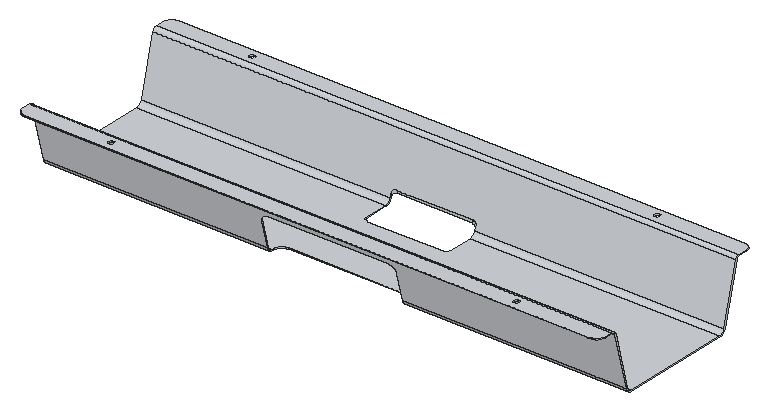
Revit family "Universal Cable Hideaway", category Furniture, Revit 2015
Parameters (values of type "34.5" x 11.5" x 3.75"")
  Width = 11 1/2"
  URL = "http://www.poppin.com"
  Manufacturer = "Poppin, Inc."
  Length = 34 1/2"
  Height = 3 3/4"
  Frame Material = none
  Description = "Cable Hideaway"
  Copyright = "Copyright © Poppin, Inc."
Reference planes (in)
  plane 1 "Center (Front/Back)": y = 0
  plane 2: z = 0
  plane 3 "Center (Left/Right)": x = 0
Forms (in)
  Extrusion 1, solid, material <- "Frame Material"
    sketch origin (0, 0, 0) x (0, 1, 0) y (0, 0, 1)
      loop
        line (3.62924, 24.49857) -> (4.5003, 27.7494)
        arc (4.5003, 27.7494) -> (4.57553, 27.86199) -> (4.70375, 27.90551) r 0.21063
        line (4.70375, 27.90551) -> (5.70375, 27.90551) -> (5.70375, 27.94488) -> (4.70375, 27.94488)
        arc (4.70375, 27.94488) -> (4.55156, 27.89322) -> (4.46227, 27.75959) r 0.25
        line (4.46227, 27.75959) -> (3.59122, 24.50876)
        arc (3.59122, 24.50876) -> (3.46747, 24.32356) -> (3.25656, 24.25197) r 0.34646
        line (3.25656, 24.25197) -> (-3.25656, 24.25197)
        arc (-3.25656, 24.25197) -> (-3.46747, 24.32356) -> (-3.59122, 24.50876) r 0.34646
        line (-3.59122, 24.50876) -> (-4.46227, 27.75959)
        arc (-4.46227, 27.75959) -> (-4.55156, 27.89322) -> (-4.70375, 27.94488) r 0.25
        line (-4.70375, 27.94488) -> (-5.70375, 27.94488) -> (-5.70375, 27.90551) -> (-4.70375, 27.90551)
        arc (-4.70375, 27.90551) -> (-4.57553, 27.86199) -> (-4.5003, 27.7494) r 0.21063
        line (-4.5003, 27.7494) -> (-3.62924, 24.49857)
        arc (-3.62924, 24.49857) -> (-3.49144, 24.29233) -> (-3.25656, 24.2126) r 0.38583
        line (-3.25656, 24.2126) -> (3.25656, 24.2126)
        arc (3.25656, 24.2126) -> (3.49144, 24.29233) -> (3.62924, 24.49857) r 0.38583
    from -17.25 to 17.25
  Extrusion 2, void
    sketch origin (0, -3.25656, 24.25197) x (-1, 0, 0) y (0, 1, 0)
      loop
        line (2.25, 6.96427) -> (-2.25, 6.96427)
        spline (-2.25, 6.96427) -> (-2.28263, 6.96372) -> (-2.3147, 6.96206) -> (-2.34567, 6.95934) -> (-2.375, 6.9556) -> (-2.40219, 6.9509) -> (-2.42678, 6.94532) -> (-2.44834, 6.93895) -> (-2.46651, 6.93192) -> (-2.48097, 6.92433) -> (-2.49148, 6.91631) -> (-2.49786, 6.90801) -> (-2.5, 6.89956)
        line (-2.5, 6.89956) -> (-2.5, 6.51313) -> (-2.5, 5.04556)
        arc (-2.5, 5.04556) -> (-2.42678, 4.86878) -> (-2.25, 4.79556) r 0.25
        line (-2.25, 4.79556) -> (2.25, 4.79556)
        arc (2.25, 4.79556) -> (2.42678, 4.86878) -> (2.5, 5.04556) r 0.25
        line (2.5, 5.04556) -> (2.5, 6.51313) -> (2.5, 6.89956)
        spline (2.5, 6.89956) -> (2.49786, 6.90801) -> (2.49148, 6.91631) -> (2.48097, 6.92433) -> (2.46651, 6.93192) -> (2.44834, 6.93895) -> (2.42678, 6.94532) -> (2.40219, 6.9509) -> (2.375, 6.9556) -> (2.34567, 6.95934) -> (2.3147, 6.96206) -> (2.28263, 6.96372) -> (2.25, 6.96427)
      loop
        line (4, -0.80143) -> (4, -0.33465) -> (4, 0) -> (4, 0.05315)
        arc (4, 0.05315) -> (3.85355, 0.4067) -> (3.5, 0.55315) r 0.5
        line (3.5, 0.55315) -> (-3.5, 0.55315)
        arc (-3.5, 0.55315) -> (-3.85355, 0.4067) -> (-4, 0.05315) r 0.5
        line (-4, 0.05315) -> (-4, 0) -> (-4, -0.37268) -> (-4, -0.80143)
        spline (-4, -0.80143) -> (-3.99572, -0.81832) -> (-3.98296, -0.83492) -> (-3.96194, -0.85095) -> (-3.93301, -0.86613) -> (-3.89668, -0.88021) -> (-3.85355, -0.89293) -> (-3.80438, -0.90409) -> (-3.75, -0.9135) -> (-3.69134, -0.92099) -> (-3.62941, -0.92643) -> (-3.56526, -0.92973) -> (-3.5, -0.93084)
        line (-3.5, -0.93084) -> (3.5, -0.93084)
        spline (3.5, -0.93084) -> (3.56526, -0.92973) -> (3.62941, -0.92643) -> (3.69134, -0.92099) -> (3.75, -0.9135) -> (3.80438, -0.90409) -> (3.85355, -0.89293) -> (3.89668, -0.88021) -> (3.93301, -0.86613) -> (3.96194, -0.85095) -> (3.98296, -0.83492) -> (3.99572, -0.81832) -> (4, -0.80143)
      loop
        circle (12, 8.46032) r 0.15748
      loop
        circle (12, -1.94719) r 0.15748
      loop
        circle (-12, -1.94719) r 0.15748
      loop
        circle (-12, 8.46032) r 0.15748
      loop
        line (-17.25, 8.96032) -> (-17.25, 8.46032)
        arc (-17.25, 8.46032) -> (-17.10355, 8.81387) -> (-16.75, 8.96032) r 0.5
        line (-16.75, 8.96032) -> (-17.25, 8.96032)
      loop
        line (-17.25, -1.94719) -> (-17.25, -2.44719) -> (-16.75, -2.44719)
        arc (-16.75, -2.44719) -> (-17.10355, -2.30074) -> (-17.25, -1.94719) r 0.5
      loop
        line (17.25, -2.44719) -> (17.25, -1.94719)
        arc (17.25, -1.94719) -> (17.10355, -2.30074) -> (16.75, -2.44719) r 0.5
        line (16.75, -2.44719) -> (17.25, -2.44719)
      loop
        line (17.25, 8.96032) -> (16.75, 8.96032)
        arc (16.75, 8.96032) -> (17.10355, 8.81387) -> (17.25, 8.46032) r 0.5
        line (17.25, 8.46032) -> (17.25, 8.96032)
    from -4.14838 to 0.537
Cuts and joins
  Extrusion 2 cuts Extrusion 1
Dimensions and locks (in)
  aligned and locked: level to plane 2
